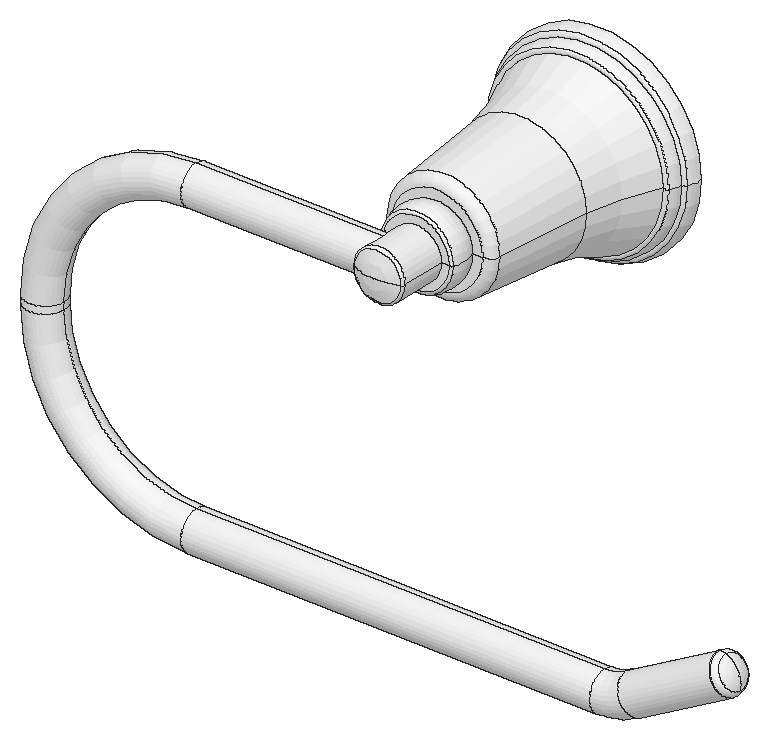
Revit family "Reece_Accessory_Posh_Canterbury_Toilet Roll Holder", category Plumbing Fixtures, Revit 2018
Family settings
  Round Connector Dimension = Use Diameter
  Part Type = Normal
  Work Plane-Based = Yes
  Always vertical = Yes
  Cut with Voids When Loaded = Yes
  Shared = Yes
  Room Calculation Point = Yes
Parameters (values of type "Chrome")
  URL = "https://www.reece.com.au/product/-9508446"
  Type Comments = "Accessory"
  Reece_Product_Web Page = "https://www.reece.com.au/product/-9508446"
  Reece_Product_Type = "Accessory"  # constant formula
  Reece_Product_Sub Brand = "Canterbury"  # constant formula
  Reece_Product_Number = "9508446"
  Reece_Product_Mount = "Wall Mounted"
  Reece_Product_Description = "Posh Canterbury Toilet Roll Holder Chrome"
  Reece_Product_Brand = "Posh"  # constant formula
  Reece_Overall_Width = 70 mm  # constant formula
  Reece_Overall_Length = 176 mm  # constant formula
  Reece_Overall_Height = 106 mm  # constant formula
  Reece_Material_Main = Reece_Brass_Chrome
  Reece_Height_From_Level [instance] = 500 mm
  Reece_Detail_Installation = "Wall Mounted"  # constant formula
  Reece_Detail_Disclaimer = "THIS FILE IS THE PROPERTY OF THE REECE GROUP. IT MAY NOT BE REPRODUCED, REVERSE-ENGINEERED OR MODIFIED. ANY REPUBLICATION, TRANSMISSION OR DISTRIBUTION FOR THE PURPOSE OF COMMERCIALLY EXPLOITING THE FILES IS PROHIBITED."  # constant formula
  Reece_Detail_Additional = "Toilet Roll Holder"  # constant formula
  Model = "Canterbury"
  Manufacturer = "Posh"
  Keynote = "Product #9508446, Reece_Accessory_Posh_Canterbury_Toilet Roll Holder - Chrome"
  Disclaimer = "THIS FILE IS THE PROPERTY OF THE REECE GROUP. IT MAY NOT BE REPRODUCED, REVERSE-ENGINEERED OR MODIFIED. ANY REPUBLICATION, TRANSMISSION OR DISTRIBUTION FOR THE PURPOSE OF COMMERCIALLY EXPLOITING THE FILES IS PROHIBITED."  # constant formula
  Description = "Posh Canterbury Toilet Roll Holder Chrome"
  Default Elevation = 0 mm
Types (3, lengths in mm): name | URL | Reece_Product_Web Page | Reece_Product_Number | Reece_Product_Description | Reece_Material_Main | Keynote | Description
  Chrome | "https://www.reece.com.au/product/-9508446" | "https://www.reece.com.au/product/-9508446" | "9508446" | "Posh Canterbury Toilet Roll Holder Chrome" | Reece_Brass_Chrome | "Product #9508446, Reece_Accessory_Posh_Canterbury_Toilet Roll Holder - Chrome" | "Posh Canterbury Toilet Roll Holder Chrome"
  Matte Black | "https://www.reece.com.au/product/-9509184" | "https://www.reece.com.au/product/-9509184" | "9509184" | "Posh Canterbury Toilet Roll Holder Matte Black" | Reece_Brass_Matte Black | "Product #9509184, Reece_Accessory_Posh_Canterbury_Toilet Roll Holder - Matte Black" | "Posh Canterbury Toilet Roller Holder Matte Black"
  Brass Gold | "https://www.reece.com.au/product/-9508447" | "https://www.reece.com.au/product/-9508447" | "9508447" | "Posh Canterbury Toilet Roll Holder Polished Brass Gold" | Reece_Brass_Gold | "Product #9508447, Reece_Accessory_Posh_Canterbury_Toilet Roll Holder - Brass Gold" | "Posh Canterbury Toilet Roll Holder Brass Gold"
Reference planes
  plane 1 "Center (Front/Back)": y = 0
  plane 2 "Bottom Host Plane": z = -5
  plane 3 "Center (Left/Right)": x = 0
  plane 4 "Height From Floor": z = 500
  plane 5: y = -67
  plane 6: y = -70
  plane 7: z = 525
  plane 8: x = -88
  plane 9: x = 88
  plane 10: z = 419
Forms (mm)
  Sweep 1, solid, material "Reece_Brass_Chrome" <- "Reece_Material_Main"
    path origin (-148.973, -62, 30.957) x (-0.959839, 0, 0.28055) y (0.28055, 0, 0.959839)
      loop
        line (-113.493, 453.012) -> (-95.226, 434.745)
        arc (-95.226, 434.745) -> (-91.169, 431.596) -> (-86.457, 429.55) r 20.557
        line (-86.457, 429.55) -> (10.065, 401.338)
        arc (10.065, 401.338) -> (42.031, 404.814) -> (62.176, 429.875) r 42.011
        line (62.176, 429.875) -> (62.663, 431.544)
        arc (62.663, 431.544) -> (59.188, 463.501) -> (34.133, 483.641) r 42
        line (34.133, 483.641) -> (-13.61, 497.595)
    profile origin (-21.18, -62, 504.75) x (0, 0, -1) y (0, 1, 0)
      loop
        circle (4.75, 0) r 4.75
  Revolve 2, solid, material "Reece_Brass_Chrome" <- "Reece_Material_Main"
    sketch origin (-148.853, -62, 30.737) x (-0.959839, 0, 0.28055) y (0.28055, 0, 0.959839)
      loop
        line (-109.957, 456.548) -> (-111.929, 458.519)
        arc (-111.929, 458.519) -> (-113.146, 456.889) -> (-113.848, 454.979) r 7.071
        arc (-113.848, 454.979) -> (-113.809, 454.017) -> (-113.316, 453.189) r 1.96
        line (-113.316, 453.189) -> (-109.957, 456.548)
      axis (-109.957, 456.548) -> (-111.929, 458.519)
    angle from 0 to 360
  Revolve 3, solid, material "Reece_Brass_Chrome" <- "Reece_Material_Main"
    sketch origin (0, 0, 500) x (-1, 0, 0) y (0, -1, 0)
      loop
        arc (21.299, 0) -> (21.176, 1.69) -> (20.608, 3.286) r 6.319
        arc (20.608, 3.286) -> (20.139, 3.751) -> (19.486, 3.853) r 1.071
        arc (19.486, 3.853) -> (19.303, 5.387) -> (18.594, 6.76) r 4.347
        arc (18.594, 6.76) -> (18.103, 7.102) -> (17.504, 7.098) r 0.989
        arc (17.504, 7.098) -> (14.109, 15.378) -> (12.241, 24.131) r 50.139
        arc (12.241, 24.131) -> (10.95, 35.886) -> (9.934, 47.668) r 508.618
        arc (9.934, 47.668) -> (9.131, 49.335) -> (7.409, 50.011) r 2.532
        line (7.409, 50.011) -> (4.959, 50.011)
        arc (4.959, 50.011) -> (5.76, 53.011) -> (5.192, 56.062) r 7.033
        arc (5.192, 56.062) -> (4.915, 56.393) -> (4.502, 56.516) r 0.751
        line (4.502, 56.516) -> (2.501, 56.516) -> (2.501, 67.632)
        arc (2.501, 67.632) -> (2.377, 68.044) -> (2.047, 68.32) r 0.75
        arc (2.047, 68.32) -> (-0.767, 69.206) -> (-3.701, 69.505) r 14.545
        line (-3.701, 69.505) -> (-3.701, 0) -> (21.299, 0)
      axis (-3.701, 0) -> (-3.701, 69.505)
    angle from 0 to 360
Lines and regions (mm)
  model lines, style "InvisibleLines"
    curve 1: line (0, 0, -5) -> (0, 0, 500)
Text (mm)
  text "Reece ©" at (2646.871, -2481.826, 2888.116), in view "Reece Preview"
  text "Reece Copyright © 2018, Reece Ltd." at (-247.475, -190.626, 0), in view "Ref. Level"
Dimensions and locks
  plane 2 "Bottom Host Plane" to level = 5 mm
  locked: level to plane 2 "Bottom Host Plane" at 5
  "Reece_Height_From_Level": plane 4 "Height From Floor" to level
  locked: plane 7 to plane 4 "Height From Floor" at 25
  "Reece_Overall_Height": plane 7 to plane 10
  "Reece_Overall_Width": plane 1 "Center (Front/Back)" to plane 6
  equal spacing: plane 8, plane 3 "Center (Left/Right)", plane 9
  "Reece_Overall_Length": plane 8 to plane 9
  aligned and locked: plane 2 "Bottom Host Plane" to curve 1
  aligned and locked: plane 4 "Height From Floor" to curve 1
Automatic sketch dimensions
  plane 3 "Center (Left/Right)" to curve 1 = 0 mm
  Sweep 1 sketch curve to plane 10 = 0 mm  (x2)
  plane 10 to Sweep 1 sketch curve = 2.527 mm
  plane 9 to Sweep 1 sketch curve = 23.604 mm
  Sweep 1 sketch curve to Sweep 1 sketch curve = 8.769 mm
  Sweep 1 sketch curve to Sweep 1 sketch curve = 96.523 mm
  Sweep 1 sketch curve to Sweep 1 sketch curve = 11.786 mm
  Sweep 1 sketch curve to Sweep 1 sketch curve = 0.499 mm
  Sweep 1 sketch curve to Sweep 1 sketch curve = 11.783 mm
  Sweep 1 sketch curve to Sweep 1 sketch curve = 40.324 mm
  Sweep 1 sketch curve to Sweep 1 sketch curve = 0.488 mm
  Sweep 1 sketch curve to Sweep 1 sketch curve = 18.267 mm
  Sweep 1 sketch curve to Sweep 1 sketch curve = 47.743 mm
  Sweep 1 sketch curve to profile plane = 0 mm
  Sweep 1 sketch curve to profile plane = 4.75 mm
  plane 9 to Revolve 2 sketch curve = 0.946 mm
  plane 10 to Revolve 2 sketch curve = 14.935 mm
  Revolve 2 sketch curve to Revolve 2 sketch curve = 1.386 mm  (x2)
  Revolve 2 sketch curve to Revolve 2 sketch curve = 0.001 mm
  Revolve 2 sketch curve to Revolve 2 sketch curve = 1.972 mm
  Revolve 2 sketch curve to Revolve 2 sketch curve = 3.028 mm
  Revolve 2 sketch curve to Revolve 2 sketch curve = 0.331 mm
  Revolve 2 sketch curve to Revolve 2 sketch curve = 1.973 mm
  Revolve 2 sketch curve to Revolve 2 sketch curve = 0.998 mm  (x2)
  Revolve 2 sketch curve to Revolve 2 sketch curve = 0.507 mm  (x2)
  plane 1 "Center (Front/Back)" to Revolve 3 sketch curve = 0 mm
  plane 3 "Center (Left/Right)" to Revolve 3 sketch curve = 3.701 mm  (x2)
  plane 3 "Center (Left/Right)" to Revolve 3 sketch curve = 1.267 mm
  Revolve 3 sketch curve to plane 5 = 0.632 mm
  Revolve 3 sketch curve to plane 3 "Center (Left/Right)" = 1.751 mm
  Revolve 3 sketch curve to plane 3 "Center (Left/Right)" = 2.501 mm
  Revolve 3 sketch curve to Revolve 3 sketch curve = 2.001 mm
  Revolve 3 sketch curve to plane 3 "Center (Left/Right)" = 4.959 mm
  Revolve 3 sketch curve to Revolve 3 sketch curve = 2.449 mm
  plane 1 "Center (Front/Back)" to Revolve 3 sketch curve = 0.391 mm
  Revolve 3 sketch curve to plane 3 "Center (Left/Right)" = 14.992 mm
  Revolve 3 sketch curve to Revolve 3 sketch curve = 0.155 mm
  Revolve 3 sketch curve to Revolve 3 sketch curve = 2.662 mm
  Revolve 3 sketch curve to Revolve 3 sketch curve = 1.846 mm
  Revolve 3 sketch curve to Revolve 3 sketch curve = 1.643 mm
  plane 8 to Revolve 3 sketch curve = 25.987 mm
  Revolve 3 sketch curve to plane 6 = 15.501 mm
  Revolve 3 sketch curve to plane 8 = 429.142 mm
  plane 1 "Center (Front/Back)" to Revolve 3 sketch curve = 2.795 mm
  Revolve 3 sketch curve to Revolve 3 sketch curve = 3.721 mm
  Revolve 3 sketch curve to Revolve 3 sketch curve = 2.045 mm
  plane 1 "Center (Front/Back)" to Revolve 3 sketch curve = 30.18 mm
  plane 5 to Revolve 3 sketch curve = 19.521 mm
  Revolve 3 sketch curve to Revolve 3 sketch curve = 2.532 mm
  Revolve 3 sketch curve to Revolve 3 sketch curve = 3.269 mm
  Revolve 3 sketch curve to Revolve 3 sketch curve = 1.679 mm
  Revolve 3 sketch curve to Revolve 3 sketch curve = 5.754 mm
  Revolve 3 sketch curve to Revolve 3 sketch curve = 0.751 mm
  plane 6 to Revolve 3 sketch curve = 0.495 mm
  Revolve 3 sketch curve to Revolve 3 sketch curve = 0 mm  (x3)
  Revolve 3 sketch curve to Revolve 3 sketch curve = 0.306 mm
  Revolve 3 sketch curve to Revolve 3 sketch curve = 0.17 mm
  Revolve 3 sketch curve to plane 1 "Center (Front/Back)" = 12.283 mm
  Revolve 3 sketch curve to Revolve 3 sketch curve = 0.301 mm
  radius of Sweep 1 sketch curve = 4.75 mm
